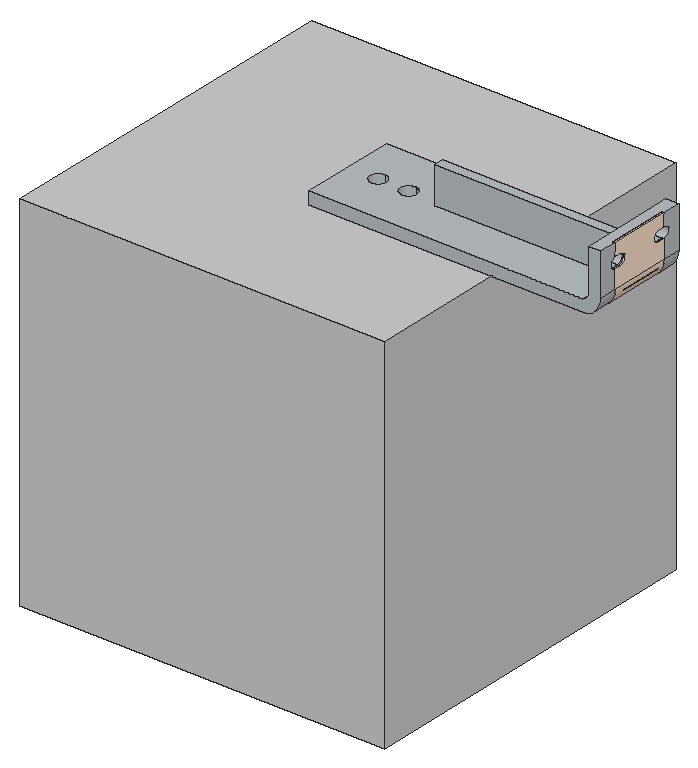
Revit family "REC-PARA2405010R", category Structural Connections, host Face, Revit 2024
Family settings
  Host = Face
  Material for Model Behavior = Steel
  Enable Cutting in Views = Yes
  Cut with Voids When Loaded = Yes
  Shared = No
Parameters (values of type "PARA2405010R")
  Visible = yes
  URL_Product_(Producto) = ""
  URL_DataSheet_(FichaTecnica) = ""
  URL_CE_Marking_(MarcadoCE) = ""
  Type IFC Predefined Type = "Brackets"
  Type Comments = ""
  URL = "https://recense.com/"
  Model = "PARA2405010R"
  Manufacturer = "RECENSE"
  Keynote_ESP = "Sistema de ménsula portante para paneles de hormigón GRC tipo STUD FRAME."
  Keynote = "Supporting bracket system for STUD FRAME type GRC concrete panels."
  IFCExportType = Classification.Uniclass.Pr.Description  # "Brackets"
  IFCExportAs = "IfcElementAssembly"
  Fecha de Creacion: = "01/03/2024"
  Fecha Ultima Revision: = "01/03/2024"
  Export Type to IFC As = "IfcElementAssembly"
  Description_ESP = "Pletina angular reforzada antideslizante 240x50x80x10 mm, 2 ranuras 15x9 mm."
  Description = "Non-slip reinforced angle plate 240x50x80x10 mm with slotted holes 15x9 mm."
  Default Elevation = 0.0 mm
  Creado por: = "Deliprogal SL"
  Cost = 0
  Classification.Uniclass.Ss.Number = ""
  Classification.Uniclass.Ss.Description = ""
  Classification.Uniclass.Pr.Number = "Pr_20_85_09"
  Classification.Uniclass.Pr.Description = "Brackets"
  Classification.Uniclass.EF.Number = ""
  Classification.Uniclass.EF.Description = ""
  Classification.Space.Number = ""
  Classification.Space.Description = ""
  Classification.Facility.Number = ""
  Classification.Facility.Description = ""
  Assembly Code = ""
Reference planes
  plane 1 "Center (Front/Back)": y = 0
  plane 2: z = 0
  plane 3 "Center (Left/Right)": x = 0
Forms (mm)
  Extrusion 1, solid, material "REC_Base"
    sketch origin (0, -719.2, 0) x (1, 0, 0) y (0, 1, 0)
      loop
        line (-150, 869.2) -> (-150, 569.2) -> (150, 569.2) -> (150, 869.2) -> (-150, 869.2)
    from 0 to -300
  Extrusion 2, void
    sketch origin (-407.676, 40, -55) x (0, -1, 0) y (1, 0, 0)
      loop
        circle (40, 432.676) r 6.975
      loop
        circle (40, 457.676) r 6.975
    from 55 to 65
  Extrusion 3, solid, material "REC_Acero, S 275JR (Zincado)"
    sketch origin (-407.676, 40, 0) x (1, 0, 0) y (0, 0, 1)
      loop
        line (407.676, 10) -> (407.676, 0) -> (632.676, 0)
        arc (632.676, 0) -> (643.283, 4.393) -> (647.676, 15) r 15
        line (647.676, 15) -> (647.676, 50) -> (637.676, 50) -> (637.676, 15)
        arc (637.676, 15) -> (636.212, 11.464) -> (632.676, 10) r 5
        line (632.676, 10) -> (407.676, 10)
    from 0 to 80
  Extrusion 4, solid, material "REC_Acero, S 275JR (Zincado)"
    sketch origin (-397.676, 40, 0) x (1, 0, 0) y (0, 0, 1)
      loop
        line (472.686, 10) -> (622.676, 10) -> (627.676, 15) -> (627.676, 40) -> (472.686, 40) -> (472.686, 10)
    from 36 to 44
  Extrusion 5, void
    sketch origin (230, 40, 15) x (0, 0, -1) y (0, 1, 0)
      loop
        line (-24.5, -59.5) -> (-24.5, -65.5)
        arc (-24.5, -65.5) -> (-20, -70) -> (-15.5, -65.5) r 4.5
        line (-15.5, -65.5) -> (-15.5, -59.5)
        arc (-15.5, -59.5) -> (-20, -55) -> (-24.5, -59.5) r 4.5
    from 0 to 10
  Extrusion 6, void
    sketch origin (230, -40, 15) x (0, 0, -1) y (0, 1, 0)
      loop
        arc (-24.5, 59.5) -> (-20, 55) -> (-15.5, 59.5) r 4.5
        line (-15.5, 59.5) -> (-15.5, 65.5)
        arc (-15.5, 65.5) -> (-20, 70) -> (-24.5, 65.5) r 4.5
        line (-24.5, 65.5) -> (-24.5, 59.5)
    from 0 to 10
  Extrusion 7, void
    sketch origin (0, 40, 0) x (1, 0, 0) y (0, 0, 1)
      loop
        line (240, 15) -> (240, 50) -> (238, 50) -> (238, 15)
        arc (238, 15) -> (236.192, 8.386) -> (231.271, 3.612) r 13
        line (231.271, 3.612) -> (232.235, 1.86)
        arc (232.235, 1.86) -> (237.914, 7.369) -> (240, 15) r 15
    from 15 to 65
  Extrusion 8, solid, material "REC_Denteado"
    sketch origin (0, 40, 0) x (1, 0, 0) y (0, 0, 1)
      loop
        line (240, 50) -> (238, 50) -> (238, 15)
        arc (238, 15) -> (236.192, 8.386) -> (231.271, 3.612) r 13
        line (231.271, 3.612) -> (232.235, 1.86)
        arc (232.235, 1.86) -> (237.914, 7.369) -> (240, 15) r 15
        line (240, 15) -> (240, 50)
    from 15 to 65
Cuts and joins
  Extrusion 2, Extrusion 5, Extrusion 6, Extrusion 7 cuts Extrusion 3
  Extrusion 5, Extrusion 6 cuts Extrusion 8
Dimensions and locks
  aligned and locked: plane 2 to Extrusion 1
  aligned and locked: level to Extrusion 1
